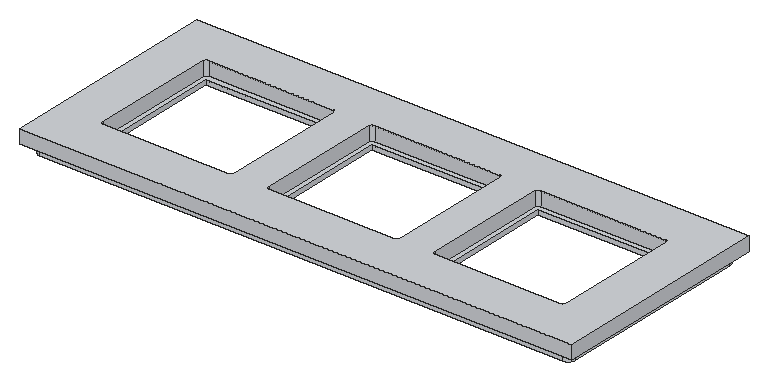
Revit family "Gira_021318", category Electrical Fixtures, host Face, Revit 2017
Family settings
  Host = Face
  Maintain Annotation Orientation = No
  Round Connector Dimension = Use Diameter
  Part Type = Normal
  Cut with Voids When Loaded = No
  Shared = No
  Room Calculation Point = No
Parameters (values of type "Abdeckrahmen 3f Gira Esprit G Mint")
  Werkstoffgüte = "Echtglas"
  Werkstoff = "Glas"
  URL = "http://katalog.gira.de/de_DE/datenblatt.html?artikelnr=021318"
  Transparent = "No"
  Textfeld/Beschriftungsfläche = "No"
  Schutzart (IP) = "IP20"
  Region = "DE"
  Oberfläche = "sonstige"
  Name = "Abdeckrahmen 3f Gira Esprit G Mint"
  Montagerichtung = "horizontal und vertikal"
  Mit Montagerahmen = "No"
  Mit Klappdeckel = "No"
  Manufacturer URL = "https://www.gira.de/"
  Keynote = "Espr._Rahmen_3fach"
  HeinzeBIM = "https://bimportal.heinze.de/bim/abdeckrahmen-3f-gira-esprit-g-mint/5b4a96cf268b6e77da4f748191d18192335577f0"
  Halogenfrei = "No"
  HAN = "021318"
  Geeignet für Unterputz-Installation = "Yes"
  Geeignet für Unterflurkanaldose = "No"
  Geeignet für Geräteeinbaukanal = "No"
  Geeignet für Einbauinstallation = "No"
  GTIN = "4010337213185"
  Farbe = "grün"
  Default Elevation = 1219.2 mm
  Data sheet (1) = "https://katalog.gira.de/de_DE/download.html?artikelnr=021318"
  Category = "Abdeckrahmen"
  Befestigungsart = "Klemmbefestigung"
  Available = "Yes"
  Anzahl der Einheiten vertikal = "3 "
  Anzahl der Einheiten horizontal = "3 "
  Anzahl der Einheiten = "3 "
Reference planes
  plane 1 "Center (Front/Back)": y = 0
  plane 2: z = 0
  plane 3 "Center (Left/Right)": x = 0
Forms (mm)
  Extrusion 1, solid, detail levels fine
    sketch origin (0, 0, 0) x (1, 0, 0) y (0, 1, 0)
      loop
        line (-118.4, 47.5) -> (-118.4, -47.5) -> (118.4, -47.5) -> (118.4, 47.5) -> (-118.4, 47.5)
      loop
        arc (-99.5, -26.7) -> (-99.061, -27.761) -> (-98, -28.2) r 1.5
        line (-98, -28.2) -> (-44.6, -28.2)
        arc (-44.6, -28.2) -> (-43.539, -27.761) -> (-43.1, -26.7) r 1.5
        line (-43.1, -26.7) -> (-43.1, 26.7)
        arc (-43.1, 26.7) -> (-43.539, 27.761) -> (-44.6, 28.2) r 1.5
        line (-44.6, 28.2) -> (-98, 28.2)
        arc (-98, 28.2) -> (-99.061, 27.761) -> (-99.5, 26.7) r 1.5
        line (-99.5, 26.7) -> (-99.5, -26.7)
      loop
        arc (-28.2, -26.7) -> (-27.761, -27.761) -> (-26.7, -28.2) r 1.5
        line (-26.7, -28.2) -> (26.7, -28.2)
        arc (26.7, -28.2) -> (27.761, -27.761) -> (28.2, -26.7) r 1.5
        line (28.2, -26.7) -> (28.2, 26.7)
        arc (28.2, 26.7) -> (27.761, 27.761) -> (26.7, 28.2) r 1.5
        line (26.7, 28.2) -> (-26.7, 28.2)
        arc (-26.7, 28.2) -> (-27.761, 27.761) -> (-28.2, 26.7) r 1.5
        line (-28.2, 26.7) -> (-28.2, -26.7)
      loop
        arc (43.1, -26.7) -> (43.539, -27.761) -> (44.6, -28.2) r 1.5
        line (44.6, -28.2) -> (98, -28.2)
        arc (98, -28.2) -> (99.061, -27.761) -> (99.5, -26.7) r 1.5
        line (99.5, -26.7) -> (99.5, 26.7)
        arc (99.5, 26.7) -> (99.061, 27.761) -> (98, 28.2) r 1.5
        line (98, 28.2) -> (44.6, 28.2)
        arc (44.6, 28.2) -> (43.539, 27.761) -> (43.1, 26.7) r 1.5
        line (43.1, 26.7) -> (43.1, -26.7)
    from 0 to 6
  Extrusion 2, solid, detail levels fine
    sketch origin (0, 0, 0) x (1, 0, 0) y (0, 1, 0)
      loop
        line (-97.2, -25.7) -> (-45.4, -25.7) -> (-45.4, 25.7) -> (-97.2, 25.7) -> (-97.2, -25.7)
      loop
        line (97.2, 25.7) -> (45.4, 25.7) -> (45.4, -25.7) -> (97.2, -25.7) -> (97.2, 25.7)
      loop
        arc (-114.002, -41.3) -> (-113.474, -42.573) -> (-112.202, -43.1) r 1.8
        line (-112.202, -43.1) -> (112.202, -43.1)
        arc (112.202, -43.1) -> (113.474, -42.573) -> (114.002, -41.3) r 1.8
        line (114.002, -41.3) -> (114.002, 41.3)
        arc (114.002, 41.3) -> (113.474, 42.573) -> (112.202, 43.1) r 1.8
        line (112.202, 43.1) -> (-112.202, 43.1)
        arc (-112.202, 43.1) -> (-113.474, 42.573) -> (-114.002, 41.3) r 1.8
        line (-114.002, 41.3) -> (-114.002, -41.3)
      loop
        line (25.9, 25.7) -> (-25.9, 25.7) -> (-25.9, -25.7) -> (25.9, -25.7) -> (25.9, 25.7)
    from -1.9 to 0
  Extrusion 3, solid, detail levels fine
    sketch origin (0, 0, 0) x (1, 0, 0) y (0, 1, 0)
      loop
        arc (-112.3, 44.4) -> (-114.421, 43.521) -> (-115.3, 41.4) r 3
        line (-115.3, 41.4) -> (-115.3, -41.4)
        arc (-115.3, -41.4) -> (-114.421, -43.521) -> (-112.3, -44.4) r 3
        line (-112.3, -44.4) -> (112.3, -44.4)
        arc (112.3, -44.4) -> (114.421, -43.521) -> (115.3, -41.4) r 3
        line (115.3, -41.4) -> (115.3, 41.4)
        arc (115.3, 41.4) -> (114.421, 43.521) -> (112.3, 44.4) r 3
        line (112.3, 44.4) -> (-112.3, 44.4)
      loop
        arc (-114.1, -41.4) -> (-113.573, -42.673) -> (-112.3, -43.2) r 1.8
        line (-112.3, -43.2) -> (112.3, -43.2)
        arc (112.3, -43.2) -> (113.573, -42.673) -> (114.1, -41.4) r 1.8
        line (114.1, -41.4) -> (114.1, 41.4)
        arc (114.1, 41.4) -> (113.573, 42.673) -> (112.3, 43.2) r 1.8
        line (112.3, 43.2) -> (-112.3, 43.2)
        arc (-112.3, 43.2) -> (-113.573, 42.673) -> (-114.1, 41.4) r 1.8
        line (-114.1, 41.4) -> (-114.1, -41.4)
    from -3.7 to 0
  Extrusion 4, solid, detail levels medium
    sketch origin (0, 0, 0) x (1, 0, 0) y (0, 1, 0)
      loop
        line (-118.4, 47.5) -> (-118.4, -47.5) -> (118.4, -47.5) -> (118.4, 47.5) -> (-118.4, 47.5)
    from 0 to 6
  Extrusion 5, solid, detail levels medium
    sketch origin (0, 0, 0) x (1, 0, 0) y (0, 1, 0)
      loop
        line (-115.3, 44.4) -> (-115.3, -44.4) -> (115.3, -44.4) -> (115.3, 44.4) -> (-115.3, 44.4)
    from -3.7 to 0
  Extrusion 6, solid, detail levels coarse
    sketch origin (0, 0, 0) x (1, 0, 0) y (0, 1, 0)
      loop
        line (-118.4, 47.5) -> (-118.4, -47.5) -> (118.4, -47.5) -> (118.4, 47.5) -> (-118.4, 47.5)
    from -3.7 to 6
Dimensions and locks
  aligned and locked: plane 2 to host face
  aligned and locked: level to host face
